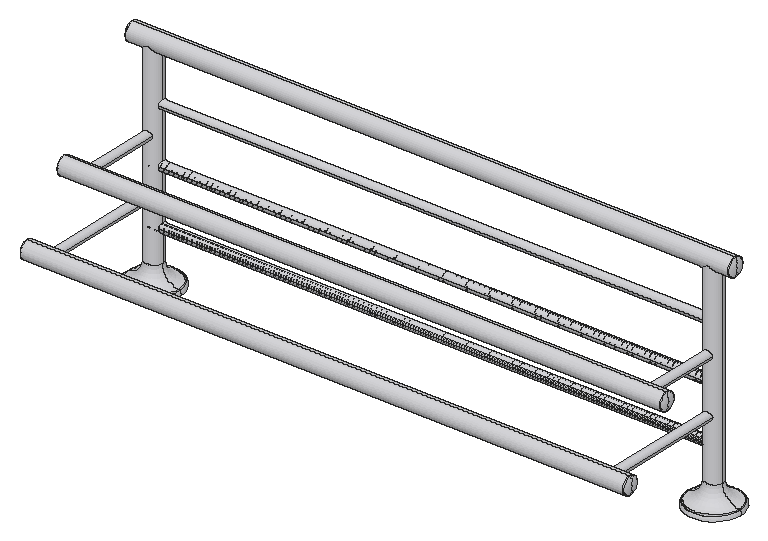
Revit family "Accessory-Towel_Bar-KOHLER-CORALAIS-K-13458T_1", category Specialty Equipment, host Face, Revit 2017
Family settings
  Host = Face
  Round Connector Dimension = Use Diameter
  Part Type = Normal
  OmniClass Number = 23.31.25.25
  OmniClass Title = Towel Bars
  Cut with Voids When Loaded = No
  Shared = No
  Room Calculation Point = No
Parameters (values of type "CP-Polished Chrome")
  Width = 24"  # constant formula
  WaterSense Certified = 1 = 0  # no
  URL = "http://www.kohler.com.cn/en/"
  Type = 1
  Product Page URL = "https://www.kohler.com.cn/product/K-13458T-CP/K-13458T-CP/"
  Product Name = "CORALAIS"  # constant formula
  Product Documentation Link = "https://files.kohler.com.cn/pdfs/13430t_13428t.pdf"
  Model = if(Type = 1, "K-13458T-CP", if(Type = 2, "K-13458T-AF", "NA"))  # "K-13458T-CP"
  Material = "Premium Metal Construction"  # constant formula
  Master Format 2014 Name = "Toilet, Bath, and Laundry Accessories"  # constant formula
  Master Format 2014 = "10 28 00"  # constant formula
  Manufacturer Address = "Kohler Beijing Office (100016) 36-2-03-B, No. 88, Liuxiang Road, Beijing"  # constant formula
  Manufacturer = "KOHLER Co."  # constant formula
  Length = 9.82283"  # constant formula
  Height = 5 5/8"  # constant formula
  Finish = Kohler-Metal-CP-Polished_Chrome
  Environmental Product Declaration = ""
  Description = "24 Inch Towel Rack"  # constant formula
  Default Elevation = 42"
  Declare Label = ""
  Date Modified = "07/09/2020"  # constant formula
  Date Created = "07/09/2020"  # constant formula
  Copyright = "Copyright KOHLER Co."  # constant formula
  Contact Us = "http://www.kohler.com.cn/en/contact/contact-us/"
  Assembly Code = "C1030200"
  ADA Compliant = 1 = 0  # no
Types (3): name | Type | Product Page URL | Model | Finish
  (no name) | 1 | "https://www.kohler.com.cn/product/K-13458T-CP/K-13458T-CP/" | "K-13458T-CP" | Kohler-Metal-CP-Polished_Chrome
  CP-Polished Chrome | 1 | "https://www.kohler.com.cn/product/K-13458T-CP/K-13458T-CP/" | "K-13458T-CP" | Kohler-Metal-CP-Polished_Chrome
  AF-Flange Gold | 2 | "https://www.kohler.com.cn/product/K-13458T-CP/K-13458T-AF/" | "K-13458T-AF" | Kohler-Metal-AF-Flange_Gold
Reference planes (in)
  plane 1 "Center (Front/Back)": y = 0
  plane 2: z = 0
  plane 3 "Center (Left/Right)": x = 0
  plane 4: x = -13.15168
  plane 5: x = 13.15168
  plane 6: x = -10.84823
  plane 7: x = 10.84823
  plane 8: y = 1.15173
  plane 9: y = -5.625
  plane 10: z = 9.82283
  plane 11: x = -11.99995
  plane 12: x = 12.00005
  plane 13: y = -1.15173
  plane 14: y = 0.37413
  plane 15: y = -3.2862
  plane 16: y = -4.03414
  plane 17: y = -5.25578
  plane 18: y = -6.00384
  plane 19: y = -0.37413
  plane 20: z = 9.07539
  plane 21: z = 7.27687
  plane 22: z = 6.89636
  plane 23: z = 6.27968
  plane 24: z = 5.52968
  plane 25: z = 4.91715
  plane 26: z = 4.53328
  plane 27: z = 3.91753
  plane 28: z = 3.16741
  plane 29: z = 2.55274
  plane 30: z = 2.17224
  plane 31: z = 0.17549
  plane 32: z = 0.98457
  plane 33: x = 12.37382
  plane 34: x = 11.62627
  plane 35: x = -12.37382
  plane 36: x = -11.62627
  plane 37: z = 3.73854
  plane 38: z = 3.35066
  plane 39: z = 6.09761
  plane 40: z = 5.71818
Dimensions and locks (in)
  "Width": plane 11 to plane 12
  "Height": plane 1 "Center (Front/Back)" to plane 9
  "Length": level to plane 10
  aligned and locked: plane 2 to host face
  aligned and locked: level to host face
Automatic sketch dimensions
  host sketch curve to host sketch curve = 96"  (x2)
Nested families (in)
  nested 1: "K-13458T" at (0, 0, 0), type "K-13458T"
Definition of nested family "K-13458T"
  Parameters (values of type "K-13458T")
    Material = none
  Reference planes (in)
    plane 1 "Center (Front/Back)": y = 0
    plane 2: z = 0
    plane 3 "Center (Left/Right)": x = 0
    plane 4: x = -13.15168
    plane 5: x = 13.15168
    plane 6: y = -6.00379
    plane 7: y = 1.11292
    plane 8: y = -1.11292
    plane 9: x = -10.84823
    plane 10: x = 10.84823
    plane 11: z = 9.82305
    plane 12: y = 1.15173
  Forms (in)
    Revolve 1, solid, material <- "Material", detail levels medium+fine
      sketch origin (0, 0, 0) x (1, 0, 0) y (0, 0, 1)
        loop
          line (-11.99995, 9.37628) -> (-11.99995, 0) -> (-10.84823, 0)
          arc (-10.84823, 0) -> (-10.85832, 0.0898) -> (-10.88703, 0.17549) r 0.4283
          line (-10.88703, 0.17549) -> (-10.92231, 0.17549)
          arc (-10.92231, 0.17549) -> (-10.92398, 0.19281) -> (-10.93912, 0.20137) r 0.01884
          arc (-10.93912, 0.20137) -> (-11.43089, 0.4629) -> (-11.62608, 0.98457) r 0.78639
          line (-11.62608, 0.98457) -> (-11.62608, 9.37628) -> (-11.99995, 9.37628)
        axis (-11.99995, 9.37628) -> (-11.99995, 0)
      angle from 0 to 360
    Revolve 2, solid, material <- "Material", detail levels medium+fine
      sketch origin (0, 0, 0) x (-1, 0, 0) y (0, 0, 1)
        loop
          line (-11.99995, 9.37231) -> (-11.99995, 0) -> (-10.84823, 0)
          arc (-10.84823, 0) -> (-10.85832, 0.0898) -> (-10.88703, 0.17549) r 0.4283
          line (-10.88703, 0.17549) -> (-10.92231, 0.17549)
          arc (-10.92231, 0.17549) -> (-10.92398, 0.19281) -> (-10.93912, 0.20137) r 0.01884
          arc (-10.93912, 0.20137) -> (-11.43089, 0.4629) -> (-11.62608, 0.98457) r 0.78639
          line (-11.62608, 0.98457) -> (-11.62608, 9.37231) -> (-11.99995, 9.37231)
        axis (-11.99995, 9.37231) -> (-11.99995, 0)
      angle from 0 to 360
    Revolve 3, solid, material <- "Material", detail levels medium+fine
      sketch origin (0, 0, 0) x (1, 0, 0) y (0, 0, 1)
        loop
          line (-12.98828, 9.44882) -> (12.98828, 9.44882)
          arc (12.98828, 9.44882) -> (12.97293, 9.63582) -> (12.92494, 9.81721) r 1.06306
          arc (12.92494, 9.81721) -> (12.91532, 9.82978) -> (12.90023, 9.83455) r 0.02628
          line (12.90023, 9.83455) -> (-12.90023, 9.83455)
          arc (-12.90023, 9.83455) -> (-12.91532, 9.82978) -> (-12.92494, 9.81721) r 0.02628
          arc (-12.92494, 9.81721) -> (-12.97293, 9.63582) -> (-12.98828, 9.44882) r 1.06306
        axis (-12.98828, 9.44882) -> (12.98828, 9.44882)
      angle from 0 to 360
    Revolve 4, solid, material <- "Material", detail levels medium+fine
      sketch origin (0, -5.62979, -5.90505) x (1, 0, 0) y (0, 0, 1)
        loop
          line (-12.98829, 9.44882) -> (12.98829, 9.44882)
          arc (12.98829, 9.44882) -> (12.97192, 9.62987) -> (12.92494, 9.80549) r 1.06306
          arc (12.92494, 9.80549) -> (12.91532, 9.81807) -> (12.90023, 9.82283) r 0.02628
          line (12.90023, 9.82283) -> (-12.90023, 9.82283)
          arc (-12.90023, 9.82283) -> (-12.91532, 9.81807) -> (-12.92494, 9.80549) r 0.02628
          arc (-12.92494, 9.80549) -> (-12.97192, 9.62987) -> (-12.98829, 9.44882) r 1.06306
        axis (-12.98829, 9.44882) -> (12.98829, 9.44882)
      angle from 0 to 360
    Revolve 5, solid, material <- "Material", detail levels medium+fine
      sketch origin (0, -3.66021, -3.54335) x (1, 0, 0) y (0, 0, 1)
        loop
          line (-12.98829, 9.44882) -> (12.98829, 9.44882)
          arc (12.98829, 9.44882) -> (12.97192, 9.62987) -> (12.92494, 9.80549) r 1.06306
          arc (12.92494, 9.80549) -> (12.91532, 9.81807) -> (12.90023, 9.82283) r 0.02628
          line (12.90023, 9.82283) -> (-12.90023, 9.82283)
          arc (-12.90023, 9.82283) -> (-12.91532, 9.81807) -> (-12.92494, 9.80549) r 0.02628
          arc (-12.92494, 9.80549) -> (-12.97192, 9.62987) -> (-12.98829, 9.44882) r 1.06306
        axis (-12.98829, 9.44882) -> (12.98829, 9.44882)
      angle from 0 to 360
    Sweep 6, solid, material <- "Material", detail levels medium+fine
      path origin (0, 0, 0) x (1, 0, 0) y (0, 0, 1)
        loop
          line (-12.1968, 7.08661) -> (12.1969, 7.08661)
      profile origin (0.00005, 0, 7.08661) x (0, 0, 1) y (0, -1, 0)
        loop
          circle (0, 0) r 0.19025
    Sweep 7, solid, material <- "Material", detail levels medium+fine
      path origin (0, 0, -2.36197) x (1, 0, 0) y (0, 0, 1)
        loop
          line (-12.1968, 7.08661) -> (12.1969, 7.08661)
      profile origin (0.00005, 0, 4.72464) x (0, 0, 1) y (0, -1, 0)
        loop
          circle (0, 0) r 0.19025
    Sweep 8, solid, material <- "Material", detail levels medium+fine
      path origin (0, 0, -4.72412) x (1, 0, 0) y (0, 0, 1)
        loop
          line (-12.1968, 7.08661) -> (12.1969, 7.08661)
      profile origin (0.00005, 0, 2.36249) x (0, 0, 1) y (0, -1, 0)
        loop
          circle (0, 0) r 0.19025
    Sweep 9, solid, material <- "Material", detail levels medium+fine
      path origin (0, 0, 0) x (1, 0, 0) y (0, 1, 0)
        loop
          line (-11.99995, -0.05297) -> (-11.99995, -3.80297)
      profile origin (-11.99995, -1.92797, 0) x (1, 0, 0) y (0, 0, 1)
        loop
          circle (0, 5.90557) r 0.18965
        loop
          circle (23.99991, 5.90557) r 0.18965
    Sweep 10, solid, material <- "Material", detail levels medium+fine
      path origin (0, 0, 0) x (1, 0, 0) y (0, 1, 0)
        loop
          line (-11.99995, 0.16701) -> (-11.99995, -5.89499)
      profile origin (-11.99995, -2.86399, 0) x (1, 0, 0) y (0, 0, 1)
        loop
          circle (0, 3.54434) r 0.18965
        loop
          circle (23.99991, 3.54434) r 0.18965
    Revolve 11, solid, material <- "Material", detail levels coarse
      sketch origin (0, 0, 0) x (1, 0, 0) y (0, 0, 1)
        loop
          line (-11.99995, 0) -> (-11.99995, 9.39719) -> (-12.37382, 9.39719) -> (-12.37382, 0.98457) -> (-13.15168, 0) -> (-11.99995, 0)
        axis (-11.99995, 9.39719) -> (-11.99995, 0)
      angle from 0 to 360
    Revolve 12, solid, material <- "Material", detail levels coarse
      sketch origin (0, 0, 0) x (-1, 0, 0) y (0, 0, 1)
        loop
          line (-11.99995, 0) -> (-11.99995, 9.44943) -> (-12.37382, 9.44943) -> (-12.37382, 0.98457) -> (-13.15168, 0) -> (-11.99995, 0)
        axis (-11.99995, 9.44943) -> (-11.99995, 0)
      angle from 0 to 360
    Revolve 13, solid, material <- "Material", detail levels coarse
      sketch origin (0, 0, 0) x (1, 0, 0) y (0, 0, 1)
        loop
          line (-12.98849, 9.44905) -> (12.98849, 9.44905) -> (12.98849, 9.83467) -> (-12.98849, 9.83467) -> (-12.98849, 9.44905)
        axis (12.98849, 9.44905) -> (-12.98849, 9.44905)
      angle from 0 to 360
    Revolve 14, solid, material <- "Material", detail levels coarse
      sketch origin (0, 0, 0) x (1, 0, 0) y (0, 0, 1)
        loop
          line (-11.67811, 7.08661) -> (11.62611, 7.08661) -> (11.62611, 7.27674) -> (-11.67811, 7.27674) -> (-11.67811, 7.08661)
        axis (-11.67811, 7.08661) -> (11.62611, 7.08661)
      angle from 0 to 360
    Sweep 15, solid, material <- "Material", detail levels medium+fine
      path origin (0, 0, -2.36197) x (1, 0, 0) y (0, 0, 1)
        loop
          line (-12.1968, 7.08661) -> (12.1969, 7.08661)
      profile origin (0.00005, 0, 4.72464) x (0, 0, 1) y (0, -1, 0)
        loop
          circle (0, 0) r 0.19025
    Sweep 16, solid, material <- "Material", detail levels medium+fine
      path origin (0, 0, -4.72412) x (1, 0, 0) y (0, 0, 1)
        loop
          line (-12.1968, 7.08661) -> (12.1969, 7.08661)
      profile origin (0.00005, 0, 2.36249) x (0, 0, 1) y (0, -1, 0)
        loop
          circle (0, 0) r 0.19025
    Revolve 17, solid, material <- "Material", detail levels coarse
      sketch origin (-12, 0, 0) x (0, 1, 0) y (0, 0, 1)
        loop
          line (-0.3222, 5.90557) -> (-0.3222, 6.15557) -> (-3.65848, 6.15557) -> (-3.65848, 5.90557) -> (-3.2862, 5.90557) -> (-0.3222, 5.90557)
        axis (-0.3222, 5.90557) -> (-3.65848, 5.90557)
      angle from 0 to 360
    Revolve 18, solid, material <- "Material", detail levels coarse
      sketch origin (12, 0, 0) x (0, 1, 0) y (0, 0, 1)
        loop
          line (-0.3222, 5.90557) -> (-0.3222, 6.15557) -> (-3.65848, 6.15557) -> (-3.65848, 5.90557) -> (-3.2862, 5.90557) -> (-0.3222, 5.90557)
        axis (-0.3222, 5.90557) -> (-3.65848, 5.90557)
      angle from 0 to 360
    Revolve 19, solid, material <- "Material", detail levels coarse
      sketch origin (-12, 0, -2.34949) x (0, 1, 0) y (0, 0, 1)
        loop
          line (-0.3222, 5.90557) -> (-0.3222, 6.15557) -> (-5.48891, 6.15557) -> (-5.48891, 5.90557) -> (-3.2862, 5.90557) -> (-0.3222, 5.90557)
        axis (-0.3222, 5.90557) -> (-5.48891, 5.90557)
      angle from 0 to 360
    Revolve 20, solid, material <- "Material", detail levels coarse
      sketch origin (12, 0, -2.34949) x (0, 1, 0) y (0, 0, 1)
        loop
          line (-0.12745, 5.90557) -> (-0.12745, 6.15557) -> (-5.49105, 6.15557) -> (-5.49105, 5.90557) -> (-3.2862, 5.90557) -> (-0.12745, 5.90557)
        axis (-0.12745, 5.90557) -> (-5.49105, 5.90557)
      angle from 0 to 360
    Revolve 21, solid, material <- "Material", detail levels coarse
      sketch origin (0, -3.65848, 0) x (1, 0, 0) y (0, 0, 1)
        loop
          line (-12.99817, 5.92015) -> (13.00183, 5.92015) -> (13.00183, 6.27952) -> (-12.99817, 6.27952) -> (-12.99817, 5.92015)
        axis (13.00183, 5.92015) -> (-12.99817, 5.92015)
      angle from 0 to 360
    Revolve 22, solid, material <- "Material", detail levels coarse
      sketch origin (0, -5.64132, -2.36307) x (1, 0, 0) y (0, 0, 1)
        loop
          line (-12.99817, 5.92015) -> (13.00183, 5.92015) -> (13.00183, 6.27952) -> (-12.99817, 6.27952) -> (-12.99817, 5.92015)
        axis (13.00183, 5.92015) -> (-12.99817, 5.92015)
      angle from 0 to 360
    Sweep 23, solid, material <- "Material", detail levels medium+fine
      path origin (0, 0, -2.36197) x (1, 0, 0) y (0, 0, 1)
        loop
          line (-12.1968, 7.08661) -> (12.1969, 7.08661)
      profile origin (0.00005, 0, 4.72464) x (0, 0, 1) y (0, -1, 0)
        loop
          circle (0, 0) r 0.19025
    Sweep 24, solid, material <- "Material", detail levels medium+fine
      path origin (0, 0, -4.72412) x (1, 0, 0) y (0, 0, 1)
        loop
          line (-12.1968, 7.08661) -> (12.1969, 7.08661)
      profile origin (0.00005, 0, 2.36249) x (0, 0, 1) y (0, -1, 0)
        loop
          circle (0, 0) r 0.19025
    Revolve 25, solid, material <- "Material", detail levels coarse
      sketch origin (-0.12115, 0.01367, -2.3743) x (1, 0, 0) y (0, 0, 1)
        loop
          line (-11.67811, 7.08661) -> (12.12546, 7.08661) -> (12.12546, 7.27674) -> (-11.67811, 7.27674) -> (-11.67811, 7.08661)
        axis (-11.67811, 7.08661) -> (12.12546, 7.08661)
      angle from 0 to 360
    Revolve 26, solid, material <- "Material", detail levels coarse
      sketch origin (-0.12115, 0.01367, -4.73645) x (1, 0, 0) y (0, 0, 1)
        loop
          line (-11.67811, 7.08661) -> (11.94281, 7.08661) -> (11.94281, 7.27674) -> (-11.67811, 7.27674) -> (-11.67811, 7.08661)
        axis (-11.67811, 7.08661) -> (11.94281, 7.08661)
      angle from 0 to 360
  Cuts and joins
    joined: Revolve 1, Revolve 2, Revolve 3, Revolve 4, Revolve 5, Sweep 6, Sweep 7, Sweep 8, Sweep 9, Sweep 10
    joined: Revolve 11, Revolve 12, Revolve 13, Revolve 14, Revolve 17, Revolve 18, Revolve 19, Revolve 20, Revolve 21, Revolve 22, Revolve 25, Revolve 26
  Lines and regions (in)
    Masking region 1
      outline origin (0, 0, 0) x (1, 0, 0) y (0, 1, 0)
        loop
          line (-12.18975, -1.13598) -> (-12.18975, -3.28722) -> (-12.89897, -3.28722)
          arc (-12.89897, -3.28722) -> (-12.91459, -3.29211) -> (-12.92464, -3.30502) r 0.0274
          arc (-12.92464, -3.30502) -> (-12.98921, -3.66172) -> (-12.92488, -4.01846) r 1.01946
          arc (-12.92488, -4.01846) -> (-12.91544, -4.03062) -> (-12.90075, -4.03521) r 0.02576
          line (-12.90075, -4.03521) -> (-12.18969, -4.03521) -> (-12.18969, -5.2558) -> (-12.90075, -5.2558)
          arc (-12.90075, -5.2558) -> (-12.91544, -5.26039) -> (-12.92488, -5.27255) r 0.02576
          arc (-12.92488, -5.27255) -> (-12.98921, -5.62929) -> (-12.92464, -5.98599) r 1.01946
          arc (-12.92464, -5.98599) -> (-12.91459, -5.9989) -> (-12.89897, -6.00379) r 0.0274
          line (-12.89897, -6.00379) -> (0, -6.00379) -> (12.89897, -6.00379)
          arc (12.89897, -6.00379) -> (12.91459, -5.9989) -> (12.92464, -5.98599) r 0.0274
          arc (12.92464, -5.98599) -> (12.98921, -5.62929) -> (12.92488, -5.27255) r 1.01946
          arc (12.92488, -5.27255) -> (12.91544, -5.26039) -> (12.90075, -5.2558) r 0.02576
          line (12.90075, -5.2558) -> (12.18969, -5.2558) -> (12.18969, -4.03521) -> (12.90075, -4.03521)
          arc (12.90075, -4.03521) -> (12.91544, -4.03062) -> (12.92488, -4.01846) r 0.02576
          arc (12.92488, -4.01846) -> (12.98921, -3.66172) -> (12.92464, -3.30502) r 1.01946
          arc (12.92464, -3.30502) -> (12.91459, -3.29211) -> (12.89897, -3.28722) r 0.0274
          line (12.89897, -3.28722) -> (12.18975, -3.28722) -> (12.18975, -1.13598)
          arc (12.18975, -1.13598) -> (12.87855, 0.74468) -> (10.91044, 0.3734) r 1.15173
          line (10.91044, 0.3734) -> (0, 0.3734) -> (-10.91044, 0.3734)
          arc (-10.91044, 0.3734) -> (-12.87855, 0.74468) -> (-12.18975, -1.13598) r 1.15173
        loop
          arc (-10.91066, -0.37392) -> (-11.25564, -0.87898) -> (-11.81066, -1.13598) r 1.15091
          line (-11.81066, -1.13598) -> (-11.81066, -3.28601) -> (11.81066, -3.28601) -> (11.81066, -1.13598)
          arc (11.81066, -1.13598) -> (11.25564, -0.87898) -> (10.91066, -0.37392) r 1.15091
          line (10.91066, -0.37392) -> (-10.91066, -0.37392)
        loop
          line (-11.81029, -4.03414) -> (-11.81029, -5.25653) -> (11.81029, -5.25653) -> (11.81029, -4.03414) -> (-11.81029, -4.03414)
    Masking region 2
      outline origin (0, 0, 0) x (1, 0, 0) y (0, 0, 1)
        loop
          arc (-12.89919, 9.82305) -> (-12.91449, 9.81825) -> (-12.92432, 9.80557) r 0.0268
          arc (-12.92432, 9.80557) -> (-12.98849, 9.44905) -> (-12.9249, 9.09242) r 1.02713
          arc (-12.9249, 9.09242) -> (-12.91501, 9.07962) -> (-12.89958, 9.07478) r 0.02699
          line (-12.89958, 9.07478) -> (-12.37405, 9.07478) -> (-12.37405, 6.27956) -> (-12.89958, 6.27956)
          arc (-12.89958, 6.27956) -> (-12.91501, 6.27472) -> (-12.9249, 6.26192) r 0.02699
          arc (-12.9249, 6.26192) -> (-12.98849, 5.90529) -> (-12.92432, 5.54877) r 1.02713
          arc (-12.92432, 5.54877) -> (-12.91449, 5.53609) -> (-12.89919, 5.53129) r 0.0268
          line (-12.89919, 5.53129) -> (-12.37427, 5.53129) -> (-12.37427, 3.91501) -> (-12.89919, 3.91501)
          arc (-12.89919, 3.91501) -> (-12.91449, 3.91021) -> (-12.92432, 3.89754) r 0.0268
          arc (-12.92432, 3.89754) -> (-12.98849, 3.54101) -> (-12.9249, 3.18438) r 1.02713
          arc (-12.9249, 3.18438) -> (-12.91501, 3.17159) -> (-12.89958, 3.16674) r 0.02699
          line (-12.89958, 3.16674) -> (-12.37405, 3.16674) -> (-12.37405, 0.9916)
          arc (-12.37405, 0.9916) -> (-12.57085, 0.46675) -> (-13.06421, 0.20068) r 0.79827
          arc (-13.06421, 0.20068) -> (-13.07853, 0.19194) -> (-13.08185, 0.17549) r 0.02095
          line (-13.08185, 0.17549) -> (-13.11287, 0.17549)
          arc (-13.11287, 0.17549) -> (-13.14189, 0.08987) -> (-13.15168, 0) r 0.41494
          line (-13.15168, 0) -> (-10.84823, 0)
          arc (-10.84823, 0) -> (-10.85801, 0.08987) -> (-10.88703, 0.17549) r 0.41494
          line (-10.88703, 0.17549) -> (-10.91806, 0.17549)
          arc (-10.91806, 0.17549) -> (-10.92137, 0.19194) -> (-10.9357, 0.20068) r 0.02095
          arc (-10.9357, 0.20068) -> (-11.42906, 0.46675) -> (-11.62585, 0.9916) r 0.79827
          line (-11.62585, 0.9916) -> (-11.62585, 2.17173) -> (11.62585, 2.17173) -> (11.62585, 0.9916)
          arc (11.62585, 0.9916) -> (11.42906, 0.46675) -> (10.9357, 0.20068) r 0.79827
          arc (10.9357, 0.20068) -> (10.92137, 0.19194) -> (10.91806, 0.17549) r 0.02095
          line (10.91806, 0.17549) -> (10.88703, 0.17549)
          arc (10.88703, 0.17549) -> (10.85801, 0.08987) -> (10.84823, 0) r 0.41494
          line (10.84823, 0) -> (13.15168, 0)
          arc (13.15168, 0) -> (13.14189, 0.08987) -> (13.11287, 0.17549) r 0.41494
          line (13.11287, 0.17549) -> (13.08185, 0.17549)
          arc (13.08185, 0.17549) -> (13.07853, 0.19194) -> (13.06421, 0.20068) r 0.02095
          arc (13.06421, 0.20068) -> (12.57085, 0.46675) -> (12.37405, 0.9916) r 0.79827
          line (12.37405, 0.9916) -> (12.37405, 3.16674) -> (12.89958, 3.16674)
          arc (12.89958, 3.16674) -> (12.91501, 3.17159) -> (12.9249, 3.18438) r 0.02699
          arc (12.9249, 3.18438) -> (12.98849, 3.54101) -> (12.92432, 3.89754) r 1.02713
          arc (12.92432, 3.89754) -> (12.91449, 3.91021) -> (12.89919, 3.91501) r 0.0268
          line (12.89919, 3.91501) -> (12.37427, 3.91501) -> (12.37427, 5.53129) -> (12.89919, 5.53129)
          arc (12.89919, 5.53129) -> (12.91449, 5.53609) -> (12.92432, 5.54877) r 0.0268
          arc (12.92432, 5.54877) -> (12.98849, 5.90529) -> (12.9249, 6.26192) r 1.02713
          arc (12.9249, 6.26192) -> (12.91501, 6.27472) -> (12.89958, 6.27956) r 0.02699
          line (12.89958, 6.27956) -> (12.37405, 6.27956) -> (12.37405, 9.07478) -> (12.89958, 9.07478)
          arc (12.89958, 9.07478) -> (12.91501, 9.07962) -> (12.9249, 9.09242) r 0.02699
          arc (12.9249, 9.09242) -> (12.98849, 9.44905) -> (12.92432, 9.80557) r 1.02713
          arc (12.92432, 9.80557) -> (12.91449, 9.81825) -> (12.89919, 9.82305) r 0.0268
          line (12.89919, 9.82305) -> (-12.89919, 9.82305)
        loop
          line (-11.62739, 9.07286) -> (-11.62739, 7.27674) -> (11.62611, 7.27674) -> (11.62611, 9.07286) -> (-11.62739, 9.07286)
        loop
          line (-11.62008, 6.89635) -> (-11.62008, 6.27968) -> (11.62611, 6.27968) -> (11.62611, 6.89635) -> (-11.62008, 6.89635)
        loop
          line (-11.62389, 5.52968) -> (-11.62389, 4.91741) -> (11.62611, 4.91741) -> (11.62611, 5.52968) -> (-11.62389, 5.52968)
        loop
          line (-11.62389, 4.53324) -> (-11.62389, 3.91753) -> (11.62611, 3.91753) -> (11.62611, 4.53324) -> (-11.62389, 4.53324)
        loop
          line (-11.62389, 3.16741) -> (-11.62389, 2.55314) -> (11.62611, 2.55314) -> (11.62611, 3.16741) -> (-11.62389, 3.16741)
    Masking region 3
      outline origin (0, 0, 0) x (0, 1, 0) y (0, 0, 1)
        loop
          arc (1.15146, 0) -> (1.14164, 0.08985) -> (1.11289, 0.17555) r 0.42174
          line (1.11289, 0.17555) -> (1.07766, 0.17555)
          arc (1.07766, 0.17555) -> (1.07587, 0.19277) -> (1.06084, 0.20137) r 0.01897
          arc (1.06084, 0.20137) -> (0.56767, 0.46168) -> (0.37387, 0.98457) r 0.78092
          line (0.37387, 0.98457) -> (0.37387, 9.4492)
          arc (0.37387, 9.4492) -> (0, 9.82307) -> (-0.37387, 9.4492) r 0.37387
          line (-0.37387, 9.4492) -> (-0.37387, 6.09761) -> (-3.33933, 6.09761)
          arc (-3.33933, 6.09761) -> (-4.03373, 5.90287) -> (-3.33659, 5.71818) r 0.37376
          line (-3.33659, 5.71818) -> (-0.37387, 5.71818) -> (-0.37387, 3.73854) -> (-5.3105, 3.73854)
          arc (-5.3105, 3.73854) -> (-6.0029, 3.54153) -> (-5.30878, 3.35066) r 0.37376
          line (-5.30878, 3.35066) -> (-0.37387, 3.35066) -> (-0.37387, 0.98457)
          arc (-0.37387, 0.98457) -> (-0.56767, 0.46168) -> (-1.06084, 0.20137) r 0.78092
          arc (-1.06084, 0.20137) -> (-1.07587, 0.19277) -> (-1.07766, 0.17555) r 0.01897
          line (-1.07766, 0.17555) -> (-1.11289, 0.17555)
          arc (-1.11289, 0.17555) -> (-1.14164, 0.08985) -> (-1.15146, 0) r 0.42174
          line (-1.15146, 0) -> (1.15146, 0)
    symbolic lines, detail levels medium+fine
      curve 1: arc (-10.95173, -0.37392, 0) -> (-11.28339, -0.85154, 0) -> (-11.81066, -1.0967, 0) r 1.11292
      curve 2: arc (-11.0072, -0.37392, 0) -> (-11.32062, -0.81479, 0) -> (-11.81066, -1.04381, 0) r 1.06084
      curve 3: line (-10.91117, 0.37413, 0) -> (-12.89534, 0.37413, 0)
      curve 4: arc (-12.89534, 0.37413, 0) -> (-12.91545, 0.37019, 0) -> (-12.92604, 0.35263, 0) r 0.02529
      curve 5: arc (-12.92604, 0.35263, 0) -> (-12.9898, 0.0002, 0) -> (-12.92604, -0.35223, 0) r 1.0059
      curve 6: arc (-12.92604, -0.35223, 0) -> (-12.91392, -0.36788, 0) -> (-12.89507, -0.37392, 0) r 0.03338
      curve 7: line (-12.89507, -0.37392, 0) -> (-10.91066, -0.37392, 0)
      curve 8: line (-11.81066, -0.37392, 0) -> (-11.81066, -1.13598, 0)
      curve 9: line (-12.19103, -4.03414, 0) -> (-11.81029, -4.03414, 0)
      curve 10: line (-12.18975, -1.13598, 0) -> (-12.18975, -0.37392, 0)
      curve 11: arc (-12.18975, -1.04372, 0) -> (-12.81464, 0.67945, 0) -> (-11.00728, 0.37413, 0) r 1.06084
      curve 12: arc (-12.18975, -1.09661, 0) -> (-12.8514, 0.71668, 0) -> (-10.9518, 0.37413, 0) r 1.11292
      curve 13: arc (10.95173, -0.37392, 0) -> (11.28339, -0.85154, 0) -> (11.81066, -1.0967, 0) r 1.11292
      curve 14: arc (11.0072, -0.37392, 0) -> (11.32062, -0.81479, 0) -> (11.81066, -1.04381, 0) r 1.06084
      curve 15: line (10.91117, 0.37413, 0) -> (12.89534, 0.37413, 0)
      curve 16: arc (12.89534, 0.37413, 0) -> (12.91545, 0.37019, 0) -> (12.92604, 0.35263, 0) r 0.02529
      curve 17: arc (12.92604, 0.35263, 0) -> (12.9898, 0.0002, 0) -> (12.92604, -0.35223, 0) r 1.0059
      curve 18: arc (12.92604, -0.35223, 0) -> (12.91392, -0.36788, 0) -> (12.89507, -0.37392, 0) r 0.03338
      curve 19: line (12.89507, -0.37392, 0) -> (10.91066, -0.37392, 0)
      curve 20: line (11.81066, -0.37392, 0) -> (11.81066, -1.13598, 0)
      curve 21: line (12.18975, -1.13598, 0) -> (12.18975, -0.37392, 0)
      curve 22: arc (12.18975, -1.04372, 0) -> (12.81464, 0.67945, 0) -> (11.00728, 0.37413, 0) r 1.06084
      curve 23: arc (12.18975, -1.09661, 0) -> (12.8514, 0.71668, 0) -> (10.9518, 0.37413, 0) r 1.11292
      curve 24: arc (0, 0.37387, 9.4492) -> (0, 0, 9.07533) -> (0, -0.37387, 9.4492) r 0.37387
      curve 25: arc (0, -3.33827, 5.71658) -> (0, -3.28596, 5.90575) -> (0, -3.33827, 6.09491) r 0.36817
      curve 26: arc (0, -5.3085, 3.35394) -> (0, -5.25635, 3.54352) -> (0, -5.3085, 3.7331) r 0.37069
      curve 27: line (0, 0.37387, 0.98457) -> (0, -0.37387, 0.98457)
      curve 28: line (0, 1.07763, 0.17549) -> (0, 0, 0.17549)
      curve 29: line (0, 0, 0.17549) -> (0, -1.07763, 0.17549)
      curve 30: line (0, 1.06084, 0.20137) -> (0, -1.06084, 0.20137)
      curve 31: line (-12.1896, -3.2862, 0) -> (-11.81066, -3.2862, 0)
      curve 32: line (-12.1896, -5.25578, 0) -> (-11.81029, -5.25578, 0)
      curve 33: line (11.81029, -5.25578, 0) -> (12.1896, -5.25578, 0)
      curve 34: line (11.81066, -3.2862, 0) -> (12.1896, -3.2862, 0)
      curve 35: line (-12.37382, 0, 9.06308) -> (-11.62608, 0, 9.06308)
      curve 36: line (-11.67811, 0, 7.08661) -> (-11.62608, 0, 6.89636)
      curve 37: line (-11.62608, 0, 7.27687) -> (-11.67811, 0, 7.08661)
      curve 38: line (-11.62389, 0, 5.52968) -> (-11.62389, 0, 6.27968)
      curve 39: line (-11.62389, 0, 4.53324) -> (-11.67811, 0, 4.72464)
      curve 40: line (-11.62389, 0, 4.91741) -> (-11.67811, 0, 4.72464)
      curve 41: line (-11.62389, 0, 3.91753) -> (-11.62389, 0, 3.16741)
      curve 42: line (-11.67811, 0, 2.36249) -> (-11.62608, 0, 2.17224)
      curve 43: line (-11.62608, 0, 2.55274) -> (-11.67811, 0, 2.36249)
      curve 44: line (-12.37382, 0, 0.98457) -> (-11.62608, 0, 0.98457)
      curve 45: line (-10.91806, 0, 0.17549) -> (-13.08185, 0, 0.17549)
      curve 46: line (-13.06079, 0, 0.20137) -> (-10.93912, 0, 0.20137)
      curve 47: line (-12.37405, 0, 6.27956) -> (-12.37427, 0, 5.53129)
      curve 48: line (-12.37405, 0, 3.16674) -> (-12.37427, 0, 3.91501)
      curve 49: line (12.37382, 0, 9.06308) -> (11.62608, 0, 9.06308)
      curve 50: line (11.67811, 0, 7.08661) -> (11.62608, 0, 6.89636)
      curve 51: line (11.62608, 0, 7.27687) -> (11.67811, 0, 7.08661)
      curve 52: line (11.62389, 0, 5.52968) -> (11.62389, 0, 6.27968)
      curve 53: line (11.62611, 0, 4.53324) -> (11.67811, 0, 4.72464)
      curve 54: line (11.62611, 0, 4.91741) -> (11.67811, 0, 4.72464)
      curve 55: line (11.62389, 0, 3.91753) -> (11.62389, 0, 3.16741)
      curve 56: line (11.67811, 0, 2.36249) -> (11.62608, 0, 2.17224)
      curve 57: line (11.62608, 0, 2.55274) -> (11.67811, 0, 2.36249)
      curve 58: line (12.37382, 0, 0.98457) -> (11.62608, 0, 0.98457)
      curve 59: line (10.91806, 0, 0.17549) -> (13.08185, 0, 0.17549)
      curve 60: line (13.06079, 0, 0.20137) -> (10.93912, 0, 0.20137)
      curve 61: line (12.37405, 0, 6.27956) -> (12.37427, 0, 5.53129)
      curve 62: line (12.37405, 0, 3.16674) -> (12.37427, 0, 3.91501)
      curve 63: arc (0, -0.37387, 3.35066) -> (0, -0.3222, 3.5446) -> (0, -0.37387, 3.73854) r 0.3898
      curve 64: arc (0, -0.37387, 6.09761) -> (0, -0.32219, 5.90789) -> (0, -0.37387, 5.71818) r 0.37409
      curve 65: line (11.81029, -4.03414, 0) -> (12.19368, -4.03414, 0)
  Dimensions and locks (in)
    plane 11 to level = 9.82305"
    plane 4 to plane 5 = 26.30336"
    plane 7 to plane 6 = 7.11671"
    aligned and locked: plane 2 to level
